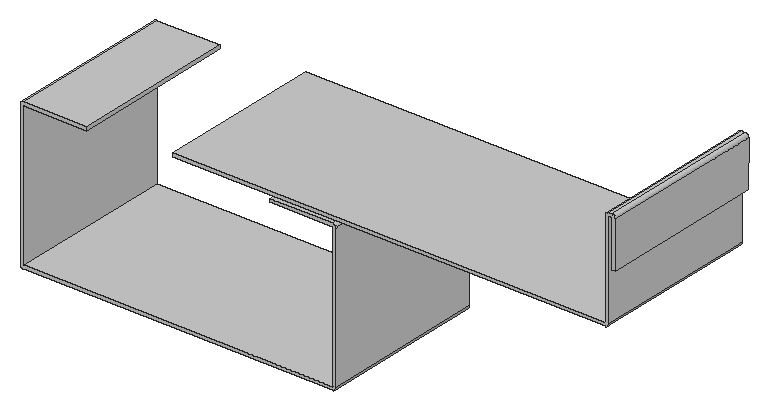
Revit family "ETR_МонтажныйКомплектМКГ12-14,5", category Обобщенные модели, Revit 2019
Family settings
  Может служить основой для арматурных стержней = Нет
  Размер круглого соединителя = Использовать диаметр
  Тип детали = Нормальный
  На основе рабочей плоскости = Нет
  Всегда вертикально = Нет
  При загрузке вырезать с полостями = Нет
  Общий = Да
  Точка расчета площади = Нет
Parameters
  ADSK_Размер_Ширина = 50 mm  # constant formula
  ADSK_Размер_Длина = 179 mm  # constant formula
  ADSK_Размер_Высота = 77 mm  # constant formula
  ADSK_Наименование краткое = "Комплект монтажный"  # constant formula
  ADSK_Наименование = "Комплект монтажный"  # constant formula
  ADSK_Материал = ETR_Краска кронштейна
  ADSK_Марка [instance] = "МК Гарант-12/14,5"  # constant formula
  ADSK_Количество = 1  # constant formula
  ADSK_Код изделия = ""  # constant formula
  ADSK_Завод-изготовитель = "ООО «НПО ЭТЕРНИС»"  # constant formula
  ADSK_Единица измерения = "шт."  # constant formula
  ADSK_URL страницы изделия = "https://www.eternis.ru/catalog/pozharotushenie-tonkoraspylennoy-vodoi/kronshteyn-dlya-nastennogo-krepleniya/"
Reference planes
  plane 1 "По центру (Вперед/Назад)": y = 0
  plane 2: z = 0
  plane 3 "По центру (Влево/Вправо)": x = 0
  plane 4: x = -89.5
  plane 5: x = 89.5
  plane 6: y = 25
  plane 7: y = -25
  plane 8: z = 77
Forms (mm)
  Extrusion 1, solid, material "ETR_Краска кронштейна" <- "ADSK_Материал", detail levels coarse+medium
    sketch origin (0, 0, 27) x (0, 1, 0) y (0, 0, 1)
      loop
        line (-25, 50) -> (-25, -27) -> (25, -27) -> (25, 50) -> (-25, 50)
    from -89.5 to 89.5
  Extrusion 2, solid, material "ETR_Краска кронштейна" <- "ADSK_Материал", detail levels fine
    sketch origin (0, 0, 0) x (1, 0, 0) y (0, 0, 1)
      loop
        arc (89.5, 76) -> (89.207, 76.707) -> (88.5, 77) r 1
        line (88.5, 77) -> (87.5, 77)
        arc (87.5, 77) -> (86.793, 76.707) -> (86.5, 76) r 1
        line (86.5, 76) -> (86.5, 47) -> (-43.5, 47) -> (-43.5, 46) -> (86.5, 46)
        arc (86.5, 46) -> (87.207, 46.293) -> (87.5, 47) r 1
        line (87.5, 47) -> (87.5, 76) -> (88.5, 76) -> (88.5, 62) -> (89.5, 62) -> (89.5, 76)
      loop
        arc (-89.5, 1) -> (-89.207, 0.293) -> (-88.5, 0) r 1
        line (-88.5, 0) -> (4.5, 0)
        arc (4.5, 0) -> (5.207, 0.293) -> (5.5, 1) r 1
        line (5.5, 1) -> (5.5, 44)
        arc (5.5, 44) -> (5.207, 44.707) -> (4.5, 45) r 1
        line (4.5, 45) -> (-14.5, 45) -> (-14.5, 44) -> (4.5, 44) -> (4.5, 1) -> (-88.5, 1) -> (-88.5, 44) -> (-69.5, 44) -> (-69.5, 45) -> (-88.5, 45)
        arc (-88.5, 45) -> (-89.207, 44.707) -> (-89.5, 44) r 1
        line (-89.5, 44) -> (-89.5, 1)
    from -25 to 25
Lines and regions (mm)
  model lines, not visible
    curve 1: line (0.419, 2.079, 0) -> (0.419, 1.07, 0)
    curve 2: line (0.419, 1.07, 0) -> (1.478, 1.07, 0)
    curve 3: line (1.478, 1.07, 0) -> (1.478, 2.079, 0)
    curve 4: line (0.948, 2.079, 0) -> (0.948, 1.07, 0)
    curve 5: line (2.026, 2.079, 0) -> (2.026, 1.07, 0)
    curve 6: line (2.026, 2.079, 0) -> (3.047, 2.079, 0)
    curve 7: line (3.047, 2.079, 0) -> (3.047, 1.07, 0)
    curve 8: line (3.047, 1.07, 0) -> (2.026, 1.07, 0)
Dimensions and locks
  equal spacing: plane 4, plane 3 "По центру (Влево/Вправо)", plane 5
  "ADSK_Размер_Длина": plane 4 to plane 5
  equal spacing: plane 6, plane 1 "По центру (Вперед/Назад)", plane 7
  "ADSK_Размер_Ширина": plane 6 to plane 7
  "ADSK_Размер_Высота": plane 8 to level
  aligned and locked: level to plane 2
  aligned and locked: Extrusion 1 to plane 4
  aligned and locked: plane 5 to Extrusion 1
  aligned and locked: plane 8 to Extrusion 1
  aligned and locked: Extrusion 2 to plane 6
  aligned and locked: plane 7 to Extrusion 2
Automatic sketch dimensions
  plane 3 "По центру (Влево/Вправо)" to curve 1 = 0.419 mm
  curve 1 to curve 3 = 1.059 mm
  curve 3 to curve 5 = 0.548 mm
  curve 5 to curve 7 = 1.021 mm
  curve 8 to plane 1 "По центру (Вперед/Назад)" = 1.07 mm
  curve 1 to plane 1 "По центру (Вперед/Назад)" = 1.07 mm
  curve 5 to curve 6 = 1.008 mm
  curve 1 to curve 4 = 0.529 mm
  curve 3 to curve 5 = 0 mm
  curve 4 to curve 3 = 0 mm
  curve 1 to curve 4 = 0 mm
  Extrusion 1 sketch curve to level = 0 mm
  Extrusion 1 sketch curve to plane 7 = 0 mm
  Extrusion 1 sketch curve to plane 6 = 0 mm
  level to Extrusion 1 sketch curve = 77 mm
  Extrusion 2 sketch curve to plane 4 = 0 mm
  Extrusion 2 sketch curve to level = 0 mm
  Extrusion 2 sketch curve to plane 8 = 0 mm
  Extrusion 2 sketch curve to plane 5 = 0 mm
  Extrusion 2 sketch curve to Extrusion 2 sketch curve = 1 mm  (x4)
  plane 4 to Extrusion 2 sketch curve = 1 mm
  Extrusion 2 sketch curve to Extrusion 2 sketch curve = 19 mm
  Extrusion 2 sketch curve to Extrusion 2 sketch curve = 26 mm
  Extrusion 2 sketch curve to plane 3 "По центру (Влево/Вправо)" = 14.5 mm
  level to Extrusion 2 sketch curve = 1 mm
  plane 3 "По центру (Влево/Вправо)" to Extrusion 2 sketch curve = 4.5 mm
  Extrusion 2 sketch curve to Extrusion 2 sketch curve = 0 mm  (x8)
  Extrusion 2 sketch curve to plane 5 = 3 mm
  Extrusion 2 sketch curve to plane 8 = 1 mm
  Extrusion 2 sketch curve to plane 5 = 1 mm
  Extrusion 2 sketch curve to plane 8 = 33 mm  (x2)
  Extrusion 2 sketch curve to Extrusion 2 sketch curve = 30 mm
  Extrusion 2 sketch curve to Extrusion 2 sketch curve = 14 mm
